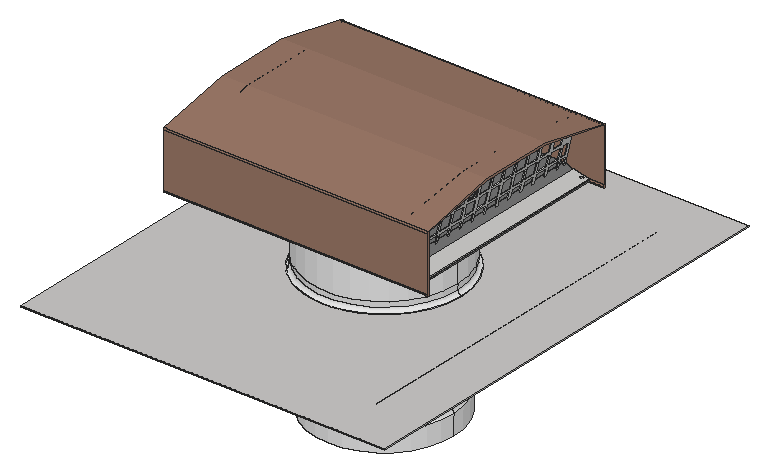
Revit family "HVAC-Other- ANJOS Ventilation-CTM 160", category Air Terminals, Revit 2024
Family settings
  Round Connector Dimension = Use Diameter
  Part Type = Normal
  Work Plane-Based = No
  Always vertical = Yes
  Cut with Voids When Loaded = No
  Maintain Annotation Orientation = No
  Shared = No
  Room Calculation Point = No
Parameters (values of type "160mm dia Terracotta Roof Terminal")
  URL = "http://www.airflow.com"
  Part number = "90001360"
  Pressure = 100.0 Pa
  Product name = "160mm Terracotta Roof Terminal"
  Manufacturer's name = "Airflow"
  Model = "160mm Terracotta Roof Terminal"
  Product URL link = "https://www.airflow.com/product/roof-cowls-and-slates/90001360"
  Manufacturer's URL link = "http://www.airflow.com"
  Installation instructions URL link = "https://www.airflow.com/product/roof-cowls-and-slates/90001360"
  Roof height (mm) = "140"  # constant formula
  Cap height (mm) = "82"  # constant formula
  Manufacturer = "Airflow"
  Manufacturer email = "info@airflow.com"
  Material 4 = ANJ010016 4
  Material 3 = ANJ010016 3
  Material 2 = ANJ010016 2
  Material 1 = ANJ010016 1
  Extract air flow at 20 Pa (m3/h) = "420"  # constant formula
  Supply air flow at 20 Pa (m3/h) = "245"  # constant formula
  Flow rate = 68.0556 L/s
  Lead dimensions (mm) = "500x400"  # constant formula
  Cap dimensions (mm) = "248x300"  # constant formula
  Connection diameter = 160 mm  # constant formula
  Default Elevation = 0 mm
Types (3, lengths in mm): name | Part number | Product name | Model | Product URL link | Installation instructions URL link | Material 3
  (no name) | "90001360" | "160mm Terracotta Roof Terminal" | "160mm Terracotta Roof Terminal" | "https://www.airflow.com/product/roof-cowls-and-slates/90001360" | "https://www.airflow.com/product/roof-cowls-and-slates/90001360" | ANJ010016 3
  160mm dia Terracotta Roof Terminal | "90001360" | "160mm Terracotta Roof Terminal" | "160mm Terracotta Roof Terminal" | "https://www.airflow.com/product/roof-cowls-and-slates/90001360" | "https://www.airflow.com/product/roof-cowls-and-slates/90001360" | ANJ010016 3
  160mm dia Slate Roof Terminal | "90001359" | "160mm Slate Roof Terminal" | "160mm Slate Roof Terminal" | "https://www.airflow.com/product/roof-cowls-and-slates/90001359" | "https://www.airflow.com/product/roof-cowls-and-slates/90001359" | ANJ010016 3'
Reference planes
  plane 1 "Center (Front/Back)": y = 0
  plane 2: z = 0
  plane 3 "Center (Left/Right)": x = 0
Nested families
  nested 1: "ANJ010016 CTM" at (0, 0, 0), type "ANJ010016 CTM"
Connectors
  hvac at (0, 0, 0), driven by "Connection diameter", driven by "Flow rate", driven by "Pressure"
    settings: on level, index 1, duct flow 68.0556 L/s, flow factor 0, pres drop 100.0 Pa, loss coef 0, conn angle 0.00°, conn width 304.8 mm, conn height 304.8 mm, conn diameter 160 mm, duct sys type 4, conn prof type 0, flow config 0, flow direction 0, loss method 4, conn ref index -1, conn util no, is conn primary yes, conn desc ""
Definition of nested family "ANJ010016 CTM"
  Parameters (values of type "ANJ010016 CTM")
    Version = "3"
    URL = "http://www.anjos-ventilation.com/"
    Polantis code = "ANJ010016"
    Model = "CTM"
    Manufacturer = "Anjos Ventilation"
    Email fabricant = "contact@anjos-ventilation.com "
    Matériel 4 = none
    Matériel 3 = none
    Matériel 2 = none
    Matériel 1 = none
    Débit à 20 Pa en rejet = ""
    Débit à 20 Pa en prise d'air = ""
    Default Elevation = 0 mm
  Reference planes
    plane 1 "Center (Front/Back)": y = 0
    plane 2: z = 0
    plane 3 "Center (Left/Right)": x = 0
  Forms (mm)
    Revolve 1, solid, material <- "Matériel 1"
      sketch origin (0, 0, 231.331) x (1, 0, 0) y (0, 0, 1)
        loop
          line (77.54, -68.331) -> (77.54, -86.566)
          arc (77.54, -86.566) -> (82.98, -93.301) -> (77.54, -100.037) r 6.89
          line (77.54, -100.037) -> (77.54, -182.813)
          arc (77.54, -182.813) -> (76.007, -187.462) -> (77.54, -192.111) r 7.819
          line (77.54, -192.111) -> (77.54, -199.729)
          arc (77.54, -199.729) -> (75.936, -204.534) -> (77.54, -209.339) r 8.001
          line (77.54, -209.339) -> (77.54, -231.331) -> (78.54, -231.331) -> (78.54, -208.993)
          arc (78.54, -208.993) -> (76.936, -204.534) -> (78.54, -200.075) r 7.001
          line (78.54, -200.075) -> (78.54, -191.769)
          arc (78.54, -191.769) -> (77.007, -187.462) -> (78.54, -183.155) r 6.819
          line (78.54, -183.155) -> (78.54, -100.801)
          arc (78.54, -100.801) -> (83.98, -93.301) -> (78.54, -85.801) r 7.89
          line (78.54, -85.801) -> (78.54, -68.331) -> (77.54, -68.331)
        axis (0, -68.331) -> (0, -231.331)
      angle from 0 to 360
    Extrusion 2, solid, material <- "Matériel 3"
      sketch origin (0, 0, 231.331) x (0, 0, 1) y (0, -1, 0)
        loop
          arc (53.217, -123.818) -> (72.254, -0.085) -> (53.235, 123.651) r 411.823
          arc (53.235, 123.651) -> (52.648, 124.39) -> (51.71, 124.5) r 1.238
          line (51.71, 124.5) -> (-9.796, 124.5)
          arc (-9.796, 124.5) -> (-10.747, 123.806) -> (-10.75, 122.628) r 1.302
          line (-10.75, 122.628) -> (-9.75, 122.628)
          arc (-9.75, 122.628) -> (-9.761, 123.147) -> (-9.38, 123.5) r 0.632
          line (-9.38, 123.5) -> (51.491, 123.5)
          arc (51.491, 123.5) -> (52.147, 123.228) -> (52.419, 122.572) r 0.928
          arc (52.419, 122.572) -> (70.722, -0.099) -> (52.419, -122.769) r 420.231
          arc (52.419, -122.769) -> (52.284, -123.215) -> (51.912, -123.494) r 0.747
          line (51.912, -123.494) -> (-8.365, -123.494)
          arc (-8.365, -123.494) -> (-9.088, -123.491) -> (-9.75, -123.2) r 1.781
          line (-9.75, -123.2) -> (-10.75, -123.2)
          arc (-10.75, -123.2) -> (-10.609, -124.033) -> (-9.906, -124.5) r 1.062
          line (-9.906, -124.5) -> (52.46, -124.5)
          arc (52.46, -124.5) -> (52.969, -124.304) -> (53.217, -123.818) r 0.761
      from -148.6 to 148.5
    Extrusion 3, solid, material <- "Matériel 4"
      sketch origin (-26.893, 0, 261.057) x (-0.978148, 0, 0.207912) y (0, 1, 0)
        loop
          line (-163.367, -122.572) -> (-145.122, -122.572) -> (-145.122, 122.769) -> (-163.367, 122.769) -> (-163.367, -122.572)
        loop
          circle (-158.943, -118.578) r 1.745
        loop
          circle (-157.506, 118.768) r 1.744
      from 3.495 to 4.483
    Extrusion 4, solid, material <- "Matériel 4"
      sketch origin (35.466, 0, 264.484) x (-0.224951, 0, 0.97437) y (0, 1, 0)
        loop
          line (40.567, -94.5) -> (26.007, -94.5) -> (26.007, -109.5) -> (40.567, -109.5) -> (40.567, -94.5)
        loop
          line (24.065, -94.5) -> (9.504, -94.5) -> (9.504, -109.5) -> (24.065, -109.5) -> (24.065, -94.5)
        loop
          line (7.563, -94.5) -> (7.563, -109.5) -> (0.805, -109.5) -> (0.805, -111.5) -> (7.563, -111.5) -> (7.563, -119.5) -> (0.805, -119.5) -> (0.805, -121.5) -> (53.04, -121.5)
          arc (53.04, -121.5) -> (72.263, 0) -> (53.04, 121.5) r 393.587
          line (53.04, 121.5) -> (0.805, 121.5) -> (0.805, 119.5) -> (7.563, 119.5) -> (7.563, 111.5) -> (0.805, 111.5) -> (0.805, 109.5) -> (7.563, 109.5) -> (7.563, 94.5) -> (0.805, 94.5) -> (0.805, 92.5) -> (7.563, 92.5) -> (7.563, 77.5) -> (0.805, 77.5) -> (0.805, 75.5) -> (7.563, 75.5) -> (7.563, 60.5) -> (0.805, 60.5) -> (0.805, 58.5) -> (7.563, 58.5) -> (7.563, 43.5) -> (0.805, 43.5) -> (0.805, 41.5) -> (7.563, 41.5) -> (7.563, 26.5) -> (0.805, 26.5) -> (0.805, 24.5) -> (7.563, 24.5) -> (7.563, 9.5) -> (0.805, 9.5) -> (0.805, 7.5) -> (7.563, 7.5) -> (7.563, -7.5) -> (0.805, -7.5) -> (0.805, -9.5) -> (7.563, -9.5) -> (7.563, -24.5) -> (0.805, -24.5) -> (0.805, -26.5) -> (7.563, -26.5) -> (7.563, -41.5) -> (0.805, -41.5) -> (0.805, -43.5) -> (7.563, -43.5) -> (7.563, -58.5) -> (0.805, -58.5) -> (0.805, -60.5) -> (7.563, -60.5) -> (7.563, -75.5) -> (0.805, -75.5) -> (0.805, -77.5) -> (7.563, -77.5) -> (7.563, -92.5) -> (0.805, -92.5) -> (0.805, -94.5) -> (7.563, -94.5)
        loop
          line (9.504, -111.5) -> (9.504, -119.5) -> (24.065, -119.5) -> (24.065, -111.5) -> (9.504, -111.5)
        loop
          line (40.567, -111.5) -> (26.007, -111.5) -> (26.007, -119.5) -> (40.567, -119.5) -> (40.567, -111.5)
        loop
          line (40.567, -92.5) -> (40.567, -77.5) -> (26.007, -77.5) -> (26.007, -92.5) -> (40.567, -92.5)
        loop
          line (24.065, -92.5) -> (24.065, -77.5) -> (9.504, -77.5) -> (9.504, -92.5) -> (24.065, -92.5)
        loop
          line (9.504, -75.5) -> (24.065, -75.5) -> (24.065, -60.5) -> (9.504, -60.5) -> (9.504, -75.5)
        loop
          line (40.52, -75.5) -> (40.52, -60.5) -> (26.007, -60.5) -> (26.007, -75.5) -> (40.52, -75.5)
        loop
          line (40.567, -26.5) -> (26.007, -26.5) -> (26.007, -41.5) -> (40.567, -41.5) -> (40.567, -26.5)
        loop
          line (24.065, -26.5) -> (9.504, -26.5) -> (9.504, -41.5) -> (24.065, -41.5) -> (24.065, -26.5)
        loop
          line (9.504, -43.5) -> (9.504, -58.5) -> (24.065, -58.5) -> (24.065, -43.5) -> (9.504, -43.5)
        loop
          line (40.52, -43.5) -> (26.007, -43.5) -> (26.007, -58.5) -> (40.52, -58.5) -> (40.52, -43.5)
        loop
          line (40.567, -24.5) -> (40.567, -9.5) -> (26.007, -9.5) -> (26.007, -24.5) -> (40.567, -24.5)
        loop
          line (24.065, -24.5) -> (24.065, -9.5) -> (9.504, -9.5) -> (9.504, -24.5) -> (24.065, -24.5)
        loop
          line (9.504, -7.5) -> (24.065, -7.5) -> (24.065, 7.5) -> (9.504, 7.5) -> (9.504, -7.5)
        loop
          line (40.52, -7.5) -> (40.52, 7.5) -> (26.007, 7.5) -> (26.007, -7.5) -> (40.52, -7.5)
        loop
          line (40.567, 41.5) -> (26.007, 41.5) -> (26.007, 26.5) -> (40.567, 26.5) -> (40.567, 41.5)
        loop
          line (24.065, 41.5) -> (9.504, 41.5) -> (9.504, 26.5) -> (24.065, 26.5) -> (24.065, 41.5)
        loop
          line (9.504, 24.5) -> (9.504, 9.5) -> (24.065, 9.5) -> (24.065, 24.5) -> (9.504, 24.5)
        loop
          line (40.567, 24.5) -> (26.007, 24.5) -> (26.007, 9.5) -> (40.567, 9.5) -> (40.567, 24.5)
        loop
          line (40.567, 43.5) -> (40.567, 58.5) -> (26.007, 58.5) -> (26.007, 43.5) -> (40.567, 43.5)
        loop
          line (24.065, 43.5) -> (24.065, 58.5) -> (9.504, 58.5) -> (9.504, 43.5) -> (24.065, 43.5)
        loop
          line (9.504, 60.5) -> (24.065, 60.5) -> (24.065, 75.5) -> (9.504, 75.5) -> (9.504, 60.5)
        loop
          line (40.567, 60.5) -> (40.567, 75.5) -> (26.007, 75.5) -> (26.007, 60.5) -> (40.567, 60.5)
        loop
          line (40.567, 109.5) -> (26.007, 109.5) -> (26.007, 94.5) -> (40.567, 94.5) -> (40.567, 109.5)
        loop
          line (24.065, 109.5) -> (9.504, 109.5) -> (9.504, 94.5) -> (24.065, 94.5) -> (24.065, 109.5)
        loop
          line (9.504, 92.5) -> (9.504, 77.5) -> (24.065, 77.5) -> (24.065, 92.5) -> (9.504, 92.5)
        loop
          line (40.567, 92.5) -> (26.007, 92.5) -> (26.007, 77.5) -> (40.567, 77.5) -> (40.567, 92.5)
        loop
          line (40.567, 111.5) -> (40.567, 119.5) -> (30.285, 119.5) -> (30.285, 111.5) -> (40.567, 111.5)
        loop
          line (24.065, 111.5) -> (24.065, 119.5) -> (9.504, 119.5) -> (9.504, 111.5) -> (24.065, 111.5)
        loop
          line (51.708, -119.5) -> (51.708, -111.5) -> (42.509, -111.5) -> (42.509, -119.5) -> (51.708, -119.5)
        loop
          line (55.836, -109.5) -> (55.836, -94.5) -> (42.509, -94.5) -> (42.509, -109.5) -> (55.836, -109.5)
        loop
          line (59.561, -92.5) -> (59.561, -77.5) -> (42.512, -77.5) -> (42.512, -92.5) -> (59.561, -92.5)
        loop
          line (61.55, -75.5) -> (61.55, -60.5) -> (42.509, -60.5) -> (42.509, -75.5) -> (61.55, -75.5)
        loop
          line (66.981, -58.5) -> (66.981, -43.5) -> (42.509, -43.5) -> (42.509, -58.5) -> (66.981, -58.5)
        loop
          line (67.922, -41.5) -> (67.922, -26.5) -> (42.509, -26.5) -> (42.509, -41.5) -> (67.922, -41.5)
        loop
          line (68.689, -24.5) -> (68.689, -9.5) -> (42.509, -9.5) -> (42.509, -24.5) -> (68.689, -24.5)
        loop
          line (69.174, -7.5) -> (69.174, 7.5) -> (42.509, 7.5) -> (42.509, -7.5) -> (69.174, -7.5)
        loop
          line (42.509, 9.5) -> (68.727, 9.5) -> (68.727, 24.5) -> (42.509, 24.5) -> (42.509, 9.5)
        loop
          line (42.509, 26.5) -> (67.922, 26.5) -> (67.922, 41.5) -> (42.509, 41.5) -> (42.509, 26.5)
        loop
          line (66.981, 43.5) -> (66.981, 58.5) -> (42.509, 58.5) -> (42.509, 43.5) -> (66.981, 43.5)
        loop
          line (61.55, 60.5) -> (61.55, 75.5) -> (42.509, 75.5) -> (42.509, 60.5) -> (61.55, 60.5)
        loop
          line (59.561, 77.5) -> (59.561, 92.5) -> (42.509, 92.5) -> (42.509, 77.5) -> (59.561, 77.5)
        loop
          line (55.836, 94.5) -> (55.836, 109.5) -> (42.509, 109.5) -> (42.509, 94.5) -> (55.836, 94.5)
        loop
          line (51.708, 111.5) -> (51.708, 119.5) -> (42.509, 119.5) -> (42.509, 111.5) -> (51.708, 111.5)
      from 144.44 to 145.528
    Extrusion 5, solid, material <- "Matériel 4"
      sketch origin (25.893, 0, 261.057) x (0.978148, 0, 0.207912) y (0, -1, 0)
        loop
          line (-163, 122.572) -> (-163, -122.769) -> (-145.122, -122.769) -> (-145.122, 122.572) -> (-163, 122.572)
        loop
          circle (-157.496, 118.578) r 1.745
        loop
          circle (-157.506, -118.768) r 1.744
      from 3.495 to 4.698
    Extrusion 6, solid, material <- "Matériel 3"
      sketch origin (0, 0, 210.831) x (0, -1, 0) y (1, 0, 0)
        loop
          line (-105.5, -98.5) -> (-105.5, 98.5) -> (-115.7, 98.5) -> (-115.7, -98.5) -> (-105.5, -98.5)
        loop
          circle (-110.001, -56.914) r 1.765
        loop
          circle (-109.96, 0.074) r 1.724
        loop
          arc (-108.4, 57.71) -> (-110.756, 58.711) -> (-111.698, 56.33) r 1.788
          arc (-111.698, 56.33) -> (-109.359, 55.371) -> (-108.4, 57.71) r 1.788
      from 9.75 to 10.75
    Extrusion 7, solid, material <- "Matériel 3"
      sketch origin (0, 0.571, 210.831) x (0, -1, 0) y (1, 0, 0)
        loop
          line (105.5, -98.5) -> (115.7, -98.5) -> (115.7, 98.5) -> (105.5, 98.5) -> (105.5, -98.5)
        loop
          circle (110.001, -56.914) r 1.765
        loop
          circle (109.96, 0.074) r 1.724
        loop
          arc (108.4, 57.71) -> (109.359, 55.371) -> (111.698, 56.33) r 1.788
          arc (111.698, 56.33) -> (110.756, 58.711) -> (108.4, 57.71) r 1.788
      from 9.75 to 10.75
    Sweep 8, solid, material <- "Matériel 2"
      path origin (0, 0, 231.331) x (0, -1, 0) y (1, 0, 0)
        loop
          circle (0, 0) r 77.5
      profile origin (-77.5, 0, 231.331) x (1, 0, 0) y (0, 0, 1)
        loop
          line (-6.454, 0.043) -> (-6.454, -0.957)
          arc (-6.454, -0.957) -> (-3.584, -2.153) -> (-2.411, -5.033) r 4.043
          line (-2.411, -5.033) -> (-1.999, -10.925) -> (-0.472, -16.25) -> (0.568, -16.25) -> (-1.009, -10.75) -> (-1.411, -5)
          arc (-1.411, -5) -> (-2.888, -1.434) -> (-6.454, 0.043) r 5.043
    Extrusion 9, solid, material <- "Matériel 2"
      sketch origin (0, -0.014, 227.06) x (0, -1, 0) y (1, 0, 0)
        loop
          line (122.486, -104.456) -> (122.486, 103.69) -> (-122.514, 103.69) -> (-122.514, -104.456) -> (122.486, -104.456)
        loop
          circle (0, 0) r 84
      from 3.314 to 4.271
    Extrusion 10, solid, material <- "Matériel 2"
      sketch origin (30, 0, 231.331) x (1, 0, 0) y (0, 0, 1)
        loop
          line (-153, -8.99) -> (-153, -9.971) -> (-135, -0.981) -> (-135, 0) -> (-153, -8.99)
      from -123.494 to 122.628
    Extrusion 11, solid, material <- "Matériel 2"
      sketch origin (30, 0, 212.371) x (0, -1, 0) y (1, 0, 0)
        loop
          line (122.572, -163) -> (122.572, -153) -> (-122.769, -153) -> (-122.769, -163) -> (122.572, -163)
        loop
          circle (117.573, -157) r 1.749
        loop
          circle (-117.769, -157) r 1.75
      from 9 to 9.97
    Extrusion 12, solid, material <- "Matériel 2"
      sketch origin (-31, 0, 231.331) x (-1, 0, 0) y (0, 0, -1)
        loop
          line (-153, 8.99) -> (-135, 0) -> (-135, 0.981) -> (-153, 9.971) -> (-153, 8.99)
      from -123.494 to 122.628
    Extrusion 13, solid, material <- "Matériel 2"
      sketch origin (-31, 0, 212.373) x (0, 1, 0) y (-1, 0, 0)
        loop
          line (-122.628, -163) -> (122.769, -163) -> (122.769, -153) -> (-122.628, -153) -> (-122.628, -163)
        loop
          circle (-117.629, -157) r 1.749
        loop
          circle (117.769, -157) r 1.75
      from 9 to 9.968
    Extrusion 14, solid, material <- "Matériel 4"
      sketch origin (0, 0.022, 55.646) x (0, -1, 0) y (1, 0, 0)
        loop
          line (255, -205) -> (255, 205) -> (-255, 205) -> (-255, -205) -> (255, -205)
        loop
          circle (0, 0) r 86.7
      from 87.389 to 88.289
    Extrusion 15, solid, material <- "Matériel 1"
      sketch origin (0, 0.022, 54.746) x (0, -1, 0) y (1, 0, 0)
        loop
          line (198.5, -148.5) -> (198.5, 148.5) -> (-198.5, 148.5) -> (-198.5, -148.5) -> (198.5, -148.5)
        loop
          arc (194.736, -142.739) -> (192.775, -141.261) -> (191.265, -143.227) r 1.753
          arc (191.265, -143.227) -> (193.246, -144.734) -> (194.736, -142.739) r 1.753
        loop
          circle (193, -1.8) r 1.75
        loop
          circle (193, 143) r 1.75
        loop
          circle (-21.992, 143) r 1.742
        loop
          circle (-193.007, 143) r 1.757
        loop
          arc (-191.383, 0.67) -> (-193.434, 1.681) -> (-194.77, -0.175) r 1.77
          arc (-194.77, -0.175) -> (-192.578, -1.754) -> (-191.383, 0.67) r 1.77
        loop
          arc (-191.25, -143) -> (-193.187, -141.22) -> (-194.711, -143.364) r 1.754
          arc (-194.711, -143.364) -> (-192.82, -144.708) -> (-191.25, -143) r 1.754
        loop
          arc (23.75, -143) -> (21.938, -141.239) -> (20.253, -143.122) r 1.751
          arc (20.253, -143.122) -> (22.06, -144.739) -> (23.75, -143) r 1.751
        loop
          circle (0, 0) r 84.6
      from 87.662 to 88.289
    Revolve 16, solid, material <- "Matériel 1"
      sketch origin (0, 0.001, 230.76) x (1, 0, 0) y (0, 0, 1)
        loop
          line (82.435, -3.422) -> (81.684, -3.694) -> (81.684, -79.958) -> (81.555, -81.808)
          arc (81.555, -81.808) -> (82.911, -85.826) -> (86.721, -87.689) r 5.506
          line (86.721, -87.689) -> (86.721, -86.825)
          arc (86.721, -86.825) -> (83.63, -85.225) -> (82.484, -81.939) r 4.706
          line (82.484, -81.939) -> (82.873, -76.372) -> (82.435, -3.422)
        axis (0, -3.422) -> (0, -87.689)
      angle from 0 to 360
    Extrusion 17, solid, material <- "Matériel 2"
      sketch origin (0.141, 19.953, 234.645) x (0, 0, 1) y (0, -1, 0)
        loop
          line (2, 118.5) -> (0, 118.5) -> (0, 99.241)
          arc (0, 99.241) -> (-0.803, 97.303) -> (-2.741, 96.5) r 2.741
          line (-2.741, 96.5) -> (-33, 96.5) -> (-33, 94.5) -> (-2, 94.5)
          arc (-2, 94.5) -> (0.828, 95.672) -> (2, 98.5) r 4
          line (2, 98.5) -> (2, 118.5)
      from -10.978 to 11.034
    Sweep 18, void
      path origin (-989.824, -426.806, 0) x (1, 0, 0) y (0, 1, 0)
        loop
          line (990.286, 358.96) -> (990.286, 343.96)
      profile origin (0.461, -75.346, 0) x (1, 0, 0) y (0, 0, 1)
        loop
          circle (-0.286, 212.416) r 2.5
    Extrusion 19, solid, material <- "Matériel 2"
      sketch origin (0.141, -19.953, 234.645) x (0, 0, 1) y (0, -1, 0)
        loop
          line (2, -118.5) -> (2, -98.5)
          arc (2, -98.5) -> (0.828, -95.672) -> (-2, -94.5) r 4
          line (-2, -94.5) -> (-33, -94.5) -> (-33, -96.5) -> (-2.741, -96.5)
          arc (-2.741, -96.5) -> (-0.803, -97.303) -> (0, -99.241) r 2.741
          line (0, -99.241) -> (0, -118.5) -> (2, -118.5)
      from -10.978 to 11.034
    Sweep 20, void
      path origin (-989.824, 446.806, 0) x (1, 0, 0) y (0, 1, 0)
        loop
          line (990.286, -378.96) -> (990.286, -363.96)
      profile origin (0.461, 75.346, 0) x (-1, 0, 0) y (0, 0, 1)
        loop
          circle (0.286, 212.416) r 2.5
    Extrusion 21, solid, material <- "Matériel 4"
      sketch origin (-35.466, 0, 264.484) x (0.224951, 0, 0.97437) y (0, -1, 0)
        loop
          line (40.567, 94.5) -> (40.567, 109.5) -> (26.007, 109.5) -> (26.007, 94.5) -> (40.567, 94.5)
        loop
          line (24.065, 94.5) -> (24.065, 109.5) -> (9.504, 109.5) -> (9.504, 94.5) -> (24.065, 94.5)
        loop
          line (7.563, 94.5) -> (-6.971, 94.5) -> (-6.971, 92.5) -> (7.563, 92.5) -> (7.563, 77.5) -> (-6.971, 77.5) -> (-6.971, 75.5) -> (7.563, 75.5) -> (7.563, 60.5) -> (-6.971, 60.5) -> (-6.971, 58.5) -> (7.563, 58.5) -> (7.563, 43.5) -> (-6.971, 43.5) -> (-6.971, 41.5) -> (7.563, 41.5) -> (7.563, 26.5) -> (-6.971, 26.5) -> (-6.971, 24.5) -> (7.563, 24.5) -> (7.563, 9.5) -> (-6.971, 9.5) -> (-6.971, 7.5) -> (7.563, 7.5) -> (7.563, -7.5) -> (-6.971, -7.5) -> (-6.971, -9.5) -> (7.563, -9.5) -> (7.563, -24.5) -> (-6.971, -24.5) -> (-6.971, -26.5) -> (7.563, -26.5) -> (7.563, -41.5) -> (-6.971, -41.5) -> (-6.971, -43.5) -> (7.563, -43.5) -> (7.563, -58.5) -> (-6.971, -58.5) -> (-6.971, -60.5) -> (7.563, -60.5) -> (7.563, -75.5) -> (-6.971, -75.5) -> (-6.971, -77.5) -> (7.563, -77.5) -> (7.563, -92.5) -> (-6.971, -92.5) -> (-6.971, -94.5) -> (7.563, -94.5) -> (7.563, -109.5) -> (-6.971, -109.5) -> (-6.971, -111.5) -> (7.563, -111.5) -> (7.563, -119.5) -> (-6.971, -119.5) -> (-6.971, -121.5) -> (53.04, -121.5)
          arc (53.04, -121.5) -> (72.263, 0) -> (53.04, 121.5) r 393.587
          line (53.04, 121.5) -> (-6.971, 121.5) -> (-6.971, 119.5) -> (7.563, 119.5) -> (7.563, 111.5) -> (-6.971, 111.5) -> (-6.971, 109.5) -> (7.563, 109.5) -> (7.563, 94.5)
        loop
          line (9.504, 111.5) -> (24.065, 111.5) -> (24.065, 119.5) -> (9.504, 119.5) -> (9.504, 111.5)
        loop
          line (40.567, 111.5) -> (40.567, 119.5) -> (26.007, 119.5) -> (26.007, 111.5) -> (40.567, 111.5)
        loop
          line (40.567, 92.5) -> (26.007, 92.5) -> (26.007, 77.5) -> (40.567, 77.5) -> (40.567, 92.5)
        loop
          line (24.065, 92.5) -> (9.504, 92.5) -> (9.504, 77.5) -> (24.065, 77.5) -> (24.065, 92.5)
        loop
          line (9.504, 75.5) -> (9.504, 60.5) -> (24.065, 60.5) -> (24.065, 75.5) -> (9.504, 75.5)
        loop
          line (40.52, 75.5) -> (26.007, 75.5) -> (26.007, 60.5) -> (40.52, 60.5) -> (40.52, 75.5)
        loop
          line (40.567, 26.5) -> (40.567, 41.5) -> (26.007, 41.5) -> (26.007, 26.5) -> (40.567, 26.5)
        loop
          line (24.065, 26.5) -> (24.065, 41.5) -> (9.504, 41.5) -> (9.504, 26.5) -> (24.065, 26.5)
        loop
          line (9.504, 43.5) -> (24.065, 43.5) -> (24.065, 58.5) -> (9.504, 58.5) -> (9.504, 43.5)
        loop
          line (40.52, 43.5) -> (40.52, 58.5) -> (26.007, 58.5) -> (26.007, 43.5) -> (40.52, 43.5)
        loop
          line (40.567, 24.5) -> (26.007, 24.5) -> (26.007, 9.5) -> (40.567, 9.5) -> (40.567, 24.5)
        loop
          line (24.065, 24.5) -> (9.504, 24.5) -> (9.504, 9.5) -> (24.065, 9.5) -> (24.065, 24.5)
        loop
          line (9.504, 7.5) -> (9.504, -7.5) -> (24.065, -7.5) -> (24.065, 7.5) -> (9.504, 7.5)
        loop
          line (40.52, 7.5) -> (26.007, 7.5) -> (26.007, -7.5) -> (40.52, -7.5) -> (40.52, 7.5)
        loop
          line (40.567, -41.5) -> (40.567, -26.5) -> (26.007, -26.5) -> (26.007, -41.5) -> (40.567, -41.5)
        loop
          line (24.065, -41.5) -> (24.065, -26.5) -> (9.504, -26.5) -> (9.504, -41.5) -> (24.065, -41.5)
        loop
          line (9.504, -24.5) -> (24.065, -24.5) -> (24.065, -9.5) -> (9.504, -9.5) -> (9.504, -24.5)
        loop
          line (40.567, -24.5) -> (40.567, -9.5) -> (26.007, -9.5) -> (26.007, -24.5) -> (40.567, -24.5)
        loop
          line (40.567, -43.5) -> (26.007, -43.5) -> (26.007, -58.5) -> (40.567, -58.5) -> (40.567, -43.5)
        loop
          line (24.065, -43.5) -> (9.504, -43.5) -> (9.504, -58.5) -> (24.065, -58.5) -> (24.065, -43.5)
        loop
          line (9.504, -60.5) -> (9.504, -75.5) -> (24.065, -75.5) -> (24.065, -60.5) -> (9.504, -60.5)
        loop
          line (40.567, -60.5) -> (26.007, -60.5) -> (26.007, -75.5) -> (40.567, -75.5) -> (40.567, -60.5)
        loop
          line (40.567, -109.5) -> (40.567, -94.5) -> (26.007, -94.5) -> (26.007, -109.5) -> (40.567, -109.5)
        loop
          line (24.065, -109.5) -> (24.065, -94.5) -> (9.504, -94.5) -> (9.504, -109.5) -> (24.065, -109.5)
        loop
          line (9.504, -92.5) -> (24.065, -92.5) -> (24.065, -77.5) -> (9.504, -77.5) -> (9.504, -92.5)
        loop
          line (40.567, -92.5) -> (40.567, -77.5) -> (26.007, -77.5) -> (26.007, -92.5) -> (40.567, -92.5)
        loop
          line (40.567, -111.5) -> (30.285, -111.5) -> (30.285, -119.5) -> (40.567, -119.5) -> (40.567, -111.5)
        loop
          line (24.065, -111.5) -> (9.504, -111.5) -> (9.504, -119.5) -> (24.065, -119.5) -> (24.065, -111.5)
        loop
          line (51.708, 119.5) -> (42.509, 119.5) -> (42.509, 111.5) -> (51.708, 111.5) -> (51.708, 119.5)
        loop
          line (55.836, 109.5) -> (42.509, 109.5) -> (42.509, 94.5) -> (55.836, 94.5) -> (55.836, 109.5)
        loop
          line (59.561, 92.5) -> (42.512, 92.5) -> (42.512, 77.5) -> (59.561, 77.5) -> (59.561, 92.5)
        loop
          line (61.55, 75.5) -> (42.509, 75.5) -> (42.509, 60.5) -> (61.55, 60.5) -> (61.55, 75.5)
        loop
          line (66.981, 58.5) -> (42.509, 58.5) -> (42.509, 43.5) -> (66.981, 43.5) -> (66.981, 58.5)
        loop
          line (67.922, 41.5) -> (42.509, 41.5) -> (42.509, 26.5) -> (67.922, 26.5) -> (67.922, 41.5)
        loop
          line (68.689, 24.5) -> (42.509, 24.5) -> (42.509, 9.5) -> (68.689, 9.5) -> (68.689, 24.5)
        loop
          line (69.174, 7.5) -> (42.509, 7.5) -> (42.509, -7.5) -> (69.174, -7.5) -> (69.174, 7.5)
        loop
          line (42.509, -9.5) -> (42.509, -24.5) -> (68.727, -24.5) -> (68.727, -9.5) -> (42.509, -9.5)
        loop
          line (42.509, -26.5) -> (42.509, -41.5) -> (67.922, -41.5) -> (67.922, -26.5) -> (42.509, -26.5)
        loop
          line (66.981, -43.5) -> (42.509, -43.5) -> (42.509, -58.5) -> (66.981, -58.5) -> (66.981, -43.5)
        loop
          line (61.55, -60.5) -> (42.509, -60.5) -> (42.509, -75.5) -> (61.55, -75.5) -> (61.55, -60.5)
        loop
          line (59.561, -77.5) -> (42.509, -77.5) -> (42.509, -92.5) -> (59.561, -92.5) -> (59.561, -77.5)
        loop
          line (55.836, -94.5) -> (42.509, -94.5) -> (42.509, -109.5) -> (55.836, -109.5) -> (55.836, -94.5)
        loop
          line (51.708, -111.5) -> (42.509, -111.5) -> (42.509, -119.5) -> (51.708, -119.5) -> (51.708, -111.5)
      from 144.44 to 145.528
  Cuts and joins
    Sweep 18, Sweep 20 cuts Extrusion 17
    Sweep 20 cuts Extrusion 19
